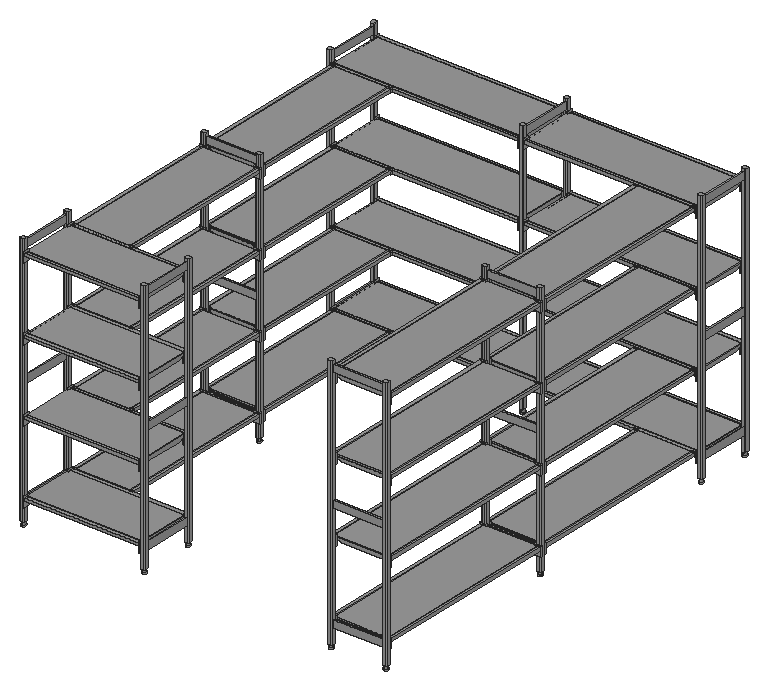
Revit family "QF_ZANUSSI_137104_CRS2428", category Attrezzature speciali, Revit 2020 (continued)
Definition of nested family "QF_708"
  Lines and regions (mm)
    symbolic lines
      curve 4: line (333.254, -8.5, 1700) -> (327, -2.246, 1700)
      curve 5: line (333.254, -318.5, 1700) -> (327, -324.754, 1700)
      curve 6: line (-389, -350, 1700) -> (327, -350, 1700)
      curve 7: line (327, 23, 1700) -> (327, -12.993, 1700)
      curve 8: line (327, -12.993, 1700) -> (323, -12.993, 1700)
      curve 9: line (327, -350, 1700) -> (327, -314.007, 1700)
      curve 10: line (327, -314.007, 1700) -> (323, -314.007, 1700)
      curve 11: line (-385, -12.993, 1700) -> (-385, -314.007, 1700)
      curve 12: line (-385, -331, 1700) -> (323, -331, 1700)
      curve 13: line (323, -12.993, 1700) -> (323, -314.007, 1700)
  Dimensions and locks
    locked: plane 3 "LEFT" to plane 4 "RIGHT" at 772
    equal spacing: plane 3 "LEFT", plane 2 "Center (Left/Right)", plane 4 "RIGHT"
    locked: plane 7 "TOP" to level at 1700
    locked: plane 5 "BACK" to plane 6 "FRONT" at 373
    locked: plane 4 "RIGHT" to plane 8 at 5
    locked: plane 9 to plane 10 at 708
    locked: plane 3 "LEFT" to plane 9 at 32
    plane 12 to plane 10 = 5 mm
    locked: plane 13 to plane 14 at 310
    equal spacing: plane 13, plane 11 "Center (Front/Back)", plane 14
    equal spacing: plane 5 "BACK", plane 11 "Center (Front/Back)", plane 6 "FRONT"
    plane 15 "FEET" to level = 25 mm
    plane 7 "TOP" to plane 15 "FEET" = 1675 mm
    plane 17 to plane 16 = 450 mm
    plane 18 to plane 17 = 450 mm
    plane 19 to plane 18 = 450 mm
    locked: plane 3 "LEFT" to plane 20 "CXLeft" at 14
    locked: plane 21 "CXRight" to plane 4 "RIGHT" at 14
    locked: plane 5 "BACK" to plane 23 "CYBack" at 17.5
    locked: plane 24 "CYFront" to plane 6 "FRONT" at 17.5
    plane 16 to level = 140 mm
    plane 17 to level = 590 mm
    plane 18 to level = 1040 mm
    plane 19 to level = 1490 mm
    aligned and locked: level to plane 1
    aligned and locked: plane 9 to Extrusion 2
    aligned and locked: Extrusion 2 to plane 10
    aligned and locked: plane 9 to Extrusion 1
    aligned and locked: Extrusion 1 to plane 10
    aligned and locked: Extrusion 1 sketch curve to Extrusion 1 sketch curve  (x2)
    aligned and locked: Extrusion 3 sketch curve to Extrusion 3 sketch curve  (x3)
    aligned and locked: Extrusion 3 to plane 12
    aligned and locked: Extrusion 3 to plane 10
    aligned and locked: plane 20 "CXLeft" to nested 1
    aligned and locked: plane 21 "CXRight" to nested 2
  Automatic sketch dimensions
    Extrusion 1 sketch curve to plane 6 "FRONT" = 0 mm  (x4)
    Extrusion 1 sketch curve to plane 5 "BACK" = 0 mm  (x4)
    plane 24 "CYFront" to Extrusion 1 sketch curve = 1.5 mm  (x2)
    plane 22 to Extrusion 1 sketch curve = 1.5 mm  (x4)
    plane 16 to Extrusion 1 sketch curve = 7.998 mm  (x2)
    Extrusion 1 sketch curve to Extrusion 1 sketch curve = 17.997 mm  (x8)
    plane 17 to Extrusion 1 sketch curve = 7.998 mm  (x2)
    plane 18 to Extrusion 1 sketch curve = 7.998 mm  (x2)
    plane 19 to Extrusion 1 sketch curve = 7.998 mm  (x2)
    plane 24 "CYFront" to Extrusion 2 sketch curve = 3.5 mm  (x4)
    plane 22 to Extrusion 2 sketch curve = 3.493 mm  (x4)
    plane 16 to Extrusion 2 sketch curve = 19.496 mm
    Extrusion 2 sketch curve to Extrusion 2 sketch curve = 6.499 mm  (x4)
    plane 17 to Extrusion 2 sketch curve = 19.496 mm
    plane 18 to Extrusion 2 sketch curve = 19.496 mm
    plane 19 to Extrusion 2 sketch curve = 19.496 mm
    plane 24 "CYFront" to Extrusion 3 sketch curve = 1.5 mm  (x4)
    Extrusion 3 sketch curve to Extrusion 3 sketch curve = 2 mm
    plane 14 to Extrusion 3 sketch curve = 3.5 mm  (x4)
    Extrusion 3 sketch curve to plane 16 = 4.006 mm
    Extrusion 3 sketch curve to Extrusion 3 sketch curve = 34 mm  (x4)
    Extrusion 3 sketch curve to plane 17 = 4.006 mm
    Extrusion 3 sketch curve to plane 18 = 4.006 mm
    Extrusion 3 sketch curve to plane 19 = 4.006 mm
    Extrusion 3 sketch curve to plane 13 = 37.5 mm  (x4)
    Extrusion 3 sketch curve to plane 13 = 3.5 mm  (x4)
    plane 22 to Extrusion 3 sketch curve = 3.493 mm  (x4)
    plane 22 to Extrusion 3 sketch curve = 1.5 mm  (x4)
    plane 16 to Extrusion 3 sketch curve = 7.998 mm  (x2)
    Extrusion 3 sketch curve to Extrusion 3 sketch curve = 11.498 mm  (x4)
    Extrusion 3 sketch curve to Extrusion 3 sketch curve = 6.499 mm  (x8)
    plane 17 to Extrusion 3 sketch curve = 7.998 mm  (x2)
    plane 18 to Extrusion 3 sketch curve = 7.998 mm  (x2)
    plane 19 to Extrusion 3 sketch curve = 7.998 mm  (x2)
    curve 6 to plane 6 "FRONT" = 0 mm
    curve 12 to plane 9 = 0 mm
    curve 12 to plane 10 = 0 mm
    curve 5 to plane 14 = 0 mm
    curve 11 to plane 9 = 0 mm
    curve 8 to plane 10 = 0 mm
    curve 4 to plane 13 = 0 mm
    curve 1 to plane 9 = 0 mm
    curve 1 to plane 10 = 0 mm
    curve 2 to plane 5 "BACK" = 0 mm
    plane 14 to curve 10 = 4.493 mm
    curve 7 to plane 13 = 4.493 mm
    curve 10 to plane 10 = 4 mm
    curve 7 to plane 10 = 4 mm
    plane 24 "CYFront" to curve 12 = 1.5 mm
    curve 5 to plane 14 = 6.254 mm
    plane 14 to curve 11 = 4.493 mm
    curve 11 to plane 13 = 4.493 mm
    plane 13 to curve 4 = 6.254 mm
    plane 22 to curve 1 = 1.5 mm
    curve 3 to plane 22 = 7.746 mm
    curve 3 to plane 5 "BACK" = 3.5 mm
    curve 5 to curve 9 = 6.254 mm
    curve 3 to curve 2 = 6.254 mm
    curve 4 to curve 7 = 6.254 mm
    plane 9 to curve 2 = 4 mm
    plane 9 to curve 6 = 4 mm
  Nested families
    nested 1: "WT_Anta373B" at (0, 0, 0), type "WT_Anta373B"
    nested 2: "WT_Anta373B" at (-62, 0, 0) x (-1, 0, 0) z (0, 0, 1), type "WT_Anta373B"
  Definition of nested family "WT_Anta373B"
    Parameters
      WidthLeft = A + 64 mm  # 772 mm
      Width = 1606 mm
      Right = WidthLeft / 2  # 386 mm
      Default Elevation = 0 mm
      Left = -WidthLeft / 2  # -386 mm
      Height = 1590 mm
      FEET = 25 mm
      E = 0 mm
      Dint = Depth - 63 mm  # 310 mm
      Dext = Depth - 8 mm  # 365 mm
      Depth = 373 mm
      DX = (WidthLeft - A) / 2  # 32 mm
      B = 798 mm
      A = 708 mm
    Reference planes
      plane 1: z = 0
      plane 2 "LEFT": x = -417
      plane 3 "BACK": y = 23
      plane 4 "FRONT": y = -350
      plane 5 "TOP": z = 1590
      plane 6 "Center (Front/Back)": y = -163.5
      plane 7: y = -8.5
      plane 8: y = -318.5
      plane 9 "FEET": z = 25
      plane 10: z = 140
      plane 11: z = 590
      plane 12: z = 1040
      plane 13: z = 1490
      plane 14 "CXLeft": x = -403
      plane 15: y = 5.5
      plane 16 "CYBack": y = 5.5
      plane 17 "CYFront": y = -332.5
      plane 18: x = -385.031
      plane 19: x = -380.031
    Forms (mm)
      Extrusion 1, solid
        sketch origin (0, 0, 0) x (1, 0, 0) y (0, 1, 0)
          loop
            line (-417, 13.246) -> (-417, -2.246) -> (-410.746, -8.5) -> (-395.254, -8.5) -> (-389, -2.246) -> (-389, 13.246) -> (-395.254, 19.5) -> (-410.746, 19.5) -> (-417, 13.246)
        from 1590 to 25
      Extrusion 2, solid
        sketch origin (-417, 0, 0) x (0, 1, 0) y (0, 0, 1)
          loop
            line (23, 111.005) -> (23, 172.993) -> (-12.993, 172.993) -> (-12.993, 111.005) -> (23, 111.005)
          loop
            line (-350, 111.005) -> (-314.007, 111.005) -> (-314.007, 172.993) -> (-350, 172.993) -> (-350, 111.005)
          loop
            line (23, 561.005) -> (23, 622.993) -> (-12.993, 622.993) -> (-12.993, 561.005) -> (23, 561.005)
          loop
            line (-350, 561.005) -> (-314.007, 561.005) -> (-314.007, 622.993) -> (-350, 622.993) -> (-350, 561.005)
          loop
            line (23, 1011.005) -> (23, 1072.993) -> (-12.993, 1072.993) -> (-12.993, 1011.005) -> (23, 1011.005)
          loop
            line (-350, 1011.005) -> (-314.007, 1011.005) -> (-314.007, 1072.993) -> (-350, 1072.993) -> (-350, 1011.005)
          loop
            line (23, 1461.005) -> (23, 1522.993) -> (-12.993, 1522.993) -> (-12.993, 1461.005) -> (23, 1461.005)
          loop
            line (-350, 1461.005) -> (-314.007, 1461.005) -> (-314.007, 1522.993) -> (-350, 1522.993) -> (-350, 1461.005)
        from 28 to 32
      Revolve 3, solid
        sketch origin (-403, 0, 0) x (0, 1, 0) y (0, 0, 1)
          loop
            line (5.5, 25) -> (5.5, 0) -> (19, 0) -> (19, 5) -> (14, 5) -> (14, 25) -> (5.5, 25)
          axis (5.5, 25) -> (5.5, 0)
        angle from 0 to 360
      Extrusion 4, solid
        sketch origin (-403, 0, 0) x (0, 1, 0) y (0, 0, 1)
          loop
            line (-8.5, 777.382) -> (-8.5, 822.374) -> (-318.5, 822.374) -> (-318.5, 777.382) -> (-8.5, 777.382)
          loop
            line (-8.5, 1527.244) -> (-8.5, 1572.236) -> (-318.5, 1572.236) -> (-318.5, 1527.244) -> (-8.5, 1527.244)
        from -5 to 5
      Revolve 5, solid
        sketch origin (-403, -627, 0) x (0, -1, 0) y (0, 0, 1)
          loop
            line (-294.5, 25) -> (-294.5, 0) -> (-281, 0) -> (-281, 5) -> (-286, 5) -> (-286, 25) -> (-294.5, 25)
          axis (-294.5, 25) -> (-294.5, 0)
        angle from 0 to 360
      Extrusion 6, solid
        sketch origin (0, -627, 0) x (1, 0, 0) y (0, 1, 0)
          loop
            line (-417, 286.754) -> (-410.746, 280.5) -> (-395.254, 280.5) -> (-389, 286.754) -> (-389, 302.246) -> (-395.254, 308.5) -> (-410.746, 308.5) -> (-417, 302.246) -> (-417, 286.754)
        from 1590 to 25
      Extrusion 7, solid
        sketch origin (-417.031, -0.022, 0) x (0, 1, 0) y (0, 0, -1)
          loop
            line (-12, -1497.998) -> (-46, -1485.994) -> (-281, -1485.994) -> (-315, -1497.998) -> (-331, -1497.998) -> (-331, -1515.994) -> (-329, -1515.994) -> (-329, -1509.496) -> (2.007, -1509.496) -> (2.007, -1515.994) -> (4, -1515.994) -> (4, -1497.998) -> (-12, -1497.998)
          loop
            line (-12, -1047.998) -> (-46, -1035.994) -> (-281, -1035.994) -> (-315, -1047.998) -> (-331, -1047.998) -> (-331, -1065.994) -> (-329, -1065.994) -> (-329, -1059.496) -> (2.007, -1059.496) -> (2.007, -1065.994) -> (4, -1065.994) -> (4, -1047.998) -> (-12, -1047.998)
          loop
            line (-12, -597.998) -> (-46, -585.994) -> (-281, -585.994) -> (-315, -597.998) -> (-331, -597.998) -> (-331, -615.994) -> (-329, -615.994) -> (-329, -609.496) -> (2.007, -609.496) -> (2.007, -615.994) -> (4, -615.994) -> (4, -597.998) -> (-12, -597.998)
          loop
            line (-12, -147.998) -> (-46, -135.994) -> (-281, -135.994) -> (-315, -147.998) -> (-331, -147.998) -> (-331, -165.994) -> (-329, -165.994) -> (-329, -159.496) -> (2.007, -159.496) -> (2.007, -165.994) -> (4, -165.994) -> (4, -147.998) -> (-12, -147.998)
        from -32 to -37
      Extrusion 8, solid
        sketch origin (-403, 0, -659.878) x (0, 1, 0) y (0, 0, 1)
          loop
            line (-8.5, 777.382) -> (-8.5, 822.374) -> (-318.5, 822.374) -> (-318.5, 777.382) -> (-8.5, 777.382)
          loop
            line (-8.5, 1437.382) -> (-8.5, 1482.374) -> (-318.5, 1482.374) -> (-318.5, 1437.382) -> (-8.5, 1437.382)
          loop
            line (-8.5, 2187.382) -> (-8.5, 2232.374) -> (-318.5, 2232.374) -> (-318.5, 2187.382) -> (-8.5, 2187.382)
        from -5 to 5
    Lines and regions (mm)
      symbolic lines
        curve 1: line (-408, -8.5, 1590) -> (-408, -318.5, 1590)
        curve 2: line (-398, -318.5, 1590) -> (-398, -8.5, 1590)
        curve 3: line (-395.254, -8.5, 1590) -> (-410.746, -8.5, 1590)
        curve 4: line (-417, -2.246, 1590) -> (-410.746, -8.5, 1590)
        curve 5: line (-417, 13.246, 1590) -> (-417, -2.246, 1590)
        curve 6: line (-410.746, 19.5, 1590) -> (-417, 13.246, 1590)
        curve 7: line (-395.254, 19.5, 1590) -> (-410.746, 19.5, 1590)
        curve 8: line (-389, 13.246, 1590) -> (-395.254, 19.5, 1590)
        curve 9: line (-395.254, -8.5, 1590) -> (-389, -2.246, 1590)
        curve 10: line (-395.254, -318.5, 1590) -> (-410.746, -318.5, 1590)
        curve 11: line (-417, -324.754, 1590) -> (-410.746, -318.5, 1590)
        curve 12: line (-410.746, -346.5, 1590) -> (-417, -340.246, 1590)
        curve 13: line (-395.254, -346.5, 1590) -> (-410.746, -346.5, 1590)
        curve 14: line (-389, -340.246, 1590) -> (-395.254, -346.5, 1590)
        curve 15: line (-395.254, -318.5, 1590) -> (-389, -324.754, 1590)
        curve 16: line (-389, -350, 1590) -> (-389, -314.007, 1590)
        curve 17: line (-389, -314.007, 1590) -> (-385, -314.007, 1590)
        curve 18: line (-389, 23, 1590) -> (-389, -12.993, 1590)
        curve 19: line (-389, -12.993, 1590) -> (-385, -12.993, 1590)
        curve 20: line (-417, -324.754, 1590) -> (-417, -340.246, 1590)
        curve 21: line (-385, -350, 1590) -> (-385, -314.007, 1590)
        curve 22: line (-385, -350, 1590) -> (-389, -350, 1590)
        curve 23: line (-385, 23, 1590) -> (-389, 23, 1590)
        curve 24: line (-385, -12.993, 1590) -> (-385, 23, 1590)
        curve 25: line (-385.031, -13.016, 1725) -> (-385.031, -314.029, 1725)
    Dimensions and locks
      "Depth": plane 3 "BACK" to plane 4 "FRONT"
      "Dint": plane 7 to plane 8
      equal spacing: plane 7, plane 6 "Center (Front/Back)", plane 8
      equal spacing: plane 3 "BACK", plane 6 "Center (Front/Back)", plane 4 "FRONT"
      plane 9 "FEET" to level = 25 mm
      plane 10 to plane 9 "FEET" = 115 mm
      plane 11 to plane 10 = 450 mm
      plane 12 to plane 11 = 450 mm
      plane 13 to plane 12 = 450 mm
      locked: plane 2 "LEFT" to plane 14 "CXLeft" at 14
      locked: plane 3 "BACK" to plane 16 "CYBack" at 17.5
      locked: plane 17 "CYFront" to plane 4 "FRONT" at 17.5
      locked: Revolve 3 sketch curve to Revolve 3 sketch curve at 8.5
      locked: Revolve 3 sketch curve to plane 16 "CYBack" at 13.5
      locked: Revolve 5 sketch curve to Revolve 5 sketch curve at 8.5
      plane 10 to level = 140 mm
      plane 11 to level = 590 mm
      plane 12 to level = 1040 mm
      plane 13 to level = 1490 mm
      "Height": plane 5 "TOP" to level
      aligned and locked: level to plane 1
      aligned and locked: curve 20 to Extrusion 6
      aligned and locked: plane 5 "TOP" to Extrusion 1
      aligned and locked: plane 5 "TOP" to Extrusion 6
      aligned and locked: Extrusion 7 sketch curve to Extrusion 7 sketch curve  (x3)
    Automatic sketch dimensions
      curve 16 to plane 4 "FRONT" = 0 mm
      curve 11 to plane 8 = 0 mm
      curve 9 to plane 7 = 0 mm
      curve 5 to plane 2 "LEFT" = 0 mm
      curve 23 to plane 3 "BACK" = 0 mm
      plane 4 "FRONT" to curve 13 = 3.5 mm
      curve 20 to plane 17 "CYFront" = 7.746 mm
      curve 20 to plane 8 = 6.254 mm
      plane 8 to curve 16 = 4.493 mm
      curve 24 to plane 18 = 0.031 mm
      curve 24 to plane 7 = 4.493 mm
      plane 7 to curve 5 = 6.254 mm
      curve 5 to plane 15 = 7.746 mm
      curve 6 to plane 3 "BACK" = 3.5 mm
      curve 21 to plane 18 = 0.031 mm
      plane 18 to curve 23 = 3.969 mm
      plane 18 to curve 16 = 3.969 mm
      curve 18 to curve 8 = 6.254 mm
      curve 18 to curve 3 = 6.254 mm
      curve 16 to curve 13 = 6.254 mm
      curve 16 to curve 15 = 6.254 mm
      plane 2 "LEFT" to curve 10 = 6.254 mm
      plane 2 "LEFT" to curve 7 = 6.254 mm
      plane 2 "LEFT" to curve 12 = 6.254 mm
      plane 2 "LEFT" to curve 3 = 6.254 mm
      curve 14 to plane 17 "CYFront" = 7.746 mm
      curve 15 to plane 8 = 6.254 mm
      plane 7 to curve 9 = 6.254 mm
      curve 8 to plane 15 = 7.746 mm
      curve 3 to curve 2 = 2.746 mm
      curve 1 to curve 10 = 2.746 mm
      Extrusion 1 sketch curve to plane 2 "LEFT" = 0 mm
      Extrusion 1 sketch curve to plane 7 = 0 mm
      plane 2 "LEFT" to Extrusion 1 sketch curve = 6.254 mm  (x2)
      plane 14 "CXLeft" to Extrusion 1 sketch curve = 7.746 mm  (x2)
      Extrusion 1 sketch curve to plane 3 "BACK" = 3.5 mm
      plane 18 to Extrusion 1 sketch curve = 3.969 mm
      plane 7 to Extrusion 1 sketch curve = 6.254 mm  (x2)
      Extrusion 1 sketch curve to plane 15 = 7.746 mm  (x2)
      Extrusion 2 sketch curve to plane 4 "FRONT" = 0 mm  (x4)
      Extrusion 2 sketch curve to plane 3 "BACK" = 0 mm  (x4)
      plane 8 to Extrusion 2 sketch curve = 4.493 mm  (x4)
      Extrusion 2 sketch curve to plane 7 = 4.493 mm  (x4)
      Extrusion 2 sketch curve to plane 10 = 28.995 mm  (x2)
      plane 10 to Extrusion 2 sketch curve = 32.993 mm  (x2)
      Extrusion 2 sketch curve to plane 11 = 28.995 mm  (x2)
      plane 11 to Extrusion 2 sketch curve = 32.993 mm  (x2)
      Extrusion 2 sketch curve to plane 12 = 28.995 mm  (x2)
      plane 12 to Extrusion 2 sketch curve = 32.993 mm  (x2)
      Extrusion 2 sketch curve to plane 13 = 28.995 mm  (x2)
      plane 13 to Extrusion 2 sketch curve = 32.993 mm  (x2)
      Revolve 3 sketch curve to plane 9 "FEET" = 0 mm  (x2)
      Revolve 3 sketch curve to plane 15 = 0 mm  (x2)
      Revolve 3 sketch curve to level = 0 mm
      level to Revolve 3 sketch curve = 5 mm
      Revolve 3 sketch curve to Revolve 3 sketch curve = 11.655 mm
      Extrusion 4 sketch curve to plane 8 = 0 mm  (x2)
      Extrusion 4 sketch curve to plane 7 = 0 mm  (x2)
      plane 11 to Extrusion 4 sketch curve = 187.382 mm
      Extrusion 4 sketch curve to Extrusion 4 sketch curve = 44.992 mm
      plane 13 to Extrusion 4 sketch curve = 37.244 mm
      Extrusion 4 sketch curve to plane 5 "TOP" = 17.764 mm
      Revolve 5 sketch curve to plane 9 "FEET" = 0 mm  (x2)
      Revolve 5 sketch curve to plane 17 "CYFront" = 0 mm  (x2)
      Revolve 5 sketch curve to level = 0 mm
      Revolve 5 sketch curve to plane 4 "FRONT" = 4 mm
      Revolve 5 sketch curve to Revolve 5 sketch curve = 5 mm
      level to Revolve 5 sketch curve = 11.655 mm
      Extrusion 6 sketch curve to plane 2 "LEFT" = 0 mm
      Extrusion 6 sketch curve to plane 8 = 0 mm
      Extrusion 6 sketch curve to plane 2 "LEFT" = 6.254 mm  (x2)
      Extrusion 6 sketch curve to plane 14 "CXLeft" = 7.746 mm  (x2)
      Extrusion 6 sketch curve to plane 4 "FRONT" = 3.5 mm
      Extrusion 6 sketch curve to plane 18 = 3.969 mm
      plane 8 to Extrusion 6 sketch curve = 6.254 mm  (x2)
      plane 17 "CYFront" to Extrusion 6 sketch curve = 7.746 mm  (x2)
      plane 17 "CYFront" to Extrusion 7 sketch curve = 1.478 mm  (x4)
      Extrusion 7 sketch curve to Extrusion 7 sketch curve = 2 mm
      plane 8 to Extrusion 7 sketch curve = 3.478 mm  (x4)
      Extrusion 7 sketch curve to plane 10 = 4.006 mm
      Extrusion 7 sketch curve to Extrusion 7 sketch curve = 34 mm  (x4)
      Extrusion 7 sketch curve to plane 11 = 4.006 mm
      Extrusion 7 sketch curve to plane 12 = 4.006 mm
      Extrusion 7 sketch curve to plane 13 = 4.006 mm
      Extrusion 7 sketch curve to plane 7 = 37.522 mm  (x4)
      Extrusion 7 sketch curve to plane 7 = 3.522 mm  (x4)
      plane 15 to Extrusion 7 sketch curve = 3.516 mm  (x4)
      plane 15 to Extrusion 7 sketch curve = 1.522 mm  (x4)
      plane 13 to Extrusion 7 sketch curve = 7.998 mm  (x2)
      Extrusion 7 sketch curve to Extrusion 7 sketch curve = 11.498 mm
      Extrusion 7 sketch curve to Extrusion 7 sketch curve = 6.499 mm  (x5)
      plane 12 to Extrusion 7 sketch curve = 25.994 mm  (x2)
      plane 12 to Extrusion 7 sketch curve = 7.998 mm  (x2)
      plane 11 to Extrusion 7 sketch curve = 25.994 mm  (x2)
      plane 11 to Extrusion 7 sketch curve = 7.998 mm  (x2)
      plane 10 to Extrusion 7 sketch curve = 25.994 mm  (x2)
      plane 10 to Extrusion 7 sketch curve = 7.998 mm  (x2)
      curve 25 to plane 18 = 0 mm
      plane 8 to curve 25 = 4.471 mm
      curve 25 to plane 7 = 4.516 mm
      Extrusion 8 sketch curve to plane 8 = 0 mm  (x3)
      Extrusion 8 sketch curve to plane 7 = 0 mm  (x3)
      Extrusion 8 sketch curve to plane 10 = 22.496 mm
      plane 10 to Extrusion 8 sketch curve = 22.496 mm
      plane 11 to Extrusion 8 sketch curve = 187.504 mm
      Extrusion 8 sketch curve to Extrusion 8 sketch curve = 44.992 mm
      plane 13 to Extrusion 8 sketch curve = 37.504 mm
      Extrusion 8 sketch curve to plane 5 "TOP" = 17.504 mm
Definition of nested family "QF_1152G"
  Parameters
    Default Elevation = 0 mm
    Model = "137035"
    Manufacturer = "Electrolux Professional"
    Description = ""
  Reference planes
    plane 1: z = 0
    plane 2 "Center (F/B)": y = -163.5
    plane 3 "Front": y = -549.5
    plane 4 "Left": x = -217.5
    plane 5 "Right": x = 155.5
    plane 6 "TOP": z = 1700
    plane 7: y = -517.5
    plane 8: y = 634.5
    plane 9 "Center (Left/Right)": x = -31
    plane 10: y = 629.5
    plane 11: x = -186
    plane 12: x = 124
    plane 13 "FEET": z = 25
    plane 14: z = 140
    plane 15: z = 590
    plane 16: z = 1040
    plane 17: z = 1490
    plane 18 "CXLeft": y = -535.5
    plane 19: x = -200
    plane 20 "CYBack": x = -200
    plane 21 "CYFront": x = 138
    plane 22 "Back": y = 638.5
    plane 23 "LEFT_ORIGIN": x = -251.5
    plane 24 "BACK_Origin": y = 1011.5
  Forms (mm)
    Extrusion 1, solid
      sketch origin (0, -549.5, 0) x (-1, 0, 0) y (0, 0, 1)
        loop
          line (198.5, 1515.994) -> (198.5, 1497.998) -> (217.5, 1497.998) -> (217.5, 1515.994) -> (198.5, 1515.994)
        loop
          line (-136.5, 1515.994) -> (-155.5, 1515.994) -> (-155.5, 1497.998) -> (-136.5, 1497.998) -> (-136.5, 1515.994)
        loop
          line (198.5, 1065.994) -> (198.5, 1047.998) -> (217.5, 1047.998) -> (217.5, 1065.994) -> (198.5, 1065.994)
        loop
          line (-136.5, 1065.994) -> (-155.5, 1065.994) -> (-155.5, 1047.998) -> (-136.5, 1047.998) -> (-136.5, 1065.994)
        loop
          line (198.5, 615.994) -> (198.5, 597.998) -> (217.5, 597.998) -> (217.5, 615.994) -> (198.5, 615.994)
        loop
          line (-136.5, 615.994) -> (-155.5, 615.994) -> (-155.5, 597.998) -> (-136.5, 597.998) -> (-136.5, 615.994)
        loop
          line (198.5, 165.994) -> (198.5, 147.998) -> (217.5, 147.998) -> (217.5, 165.994) -> (198.5, 165.994)
        loop
          line (-136.5, 165.994) -> (-155.5, 165.994) -> (-155.5, 147.998) -> (-136.5, 147.998) -> (-136.5, 165.994)
      from 32 to 1184
    Extrusion 2, solid
      sketch origin (0, -549.5, 0) x (-1, 0, 0) y (0, 0, 1)
        loop
          line (196.507, 1515.994) -> (-134.5, 1515.994) -> (-134.5, 1509.496) -> (196.507, 1509.496) -> (196.507, 1515.994)
        loop
          line (196.507, 1065.994) -> (-134.5, 1065.994) -> (-134.5, 1059.496) -> (196.507, 1059.496) -> (196.507, 1065.994)
        loop
          line (196.507, 615.994) -> (-134.5, 615.994) -> (-134.5, 609.496) -> (196.507, 609.496) -> (196.507, 615.994)
        loop
          line (196.507, 165.994) -> (-134.5, 165.994) -> (-134.5, 159.496) -> (196.507, 159.496) -> (196.507, 165.994)
      from 32 to 1184
  Lines and regions (mm)
    symbolic lines
      curve 1: line (-198.5, 634.5, 1700) -> (-198.5, -517.5, 1700)
      curve 2: line (-217.5, -521.5, 1700) -> (-217.5, 634.5, 1700)
      curve 3: line (155.5, -521.5, 1700) -> (155.5, 634.5, 1700)
      curve 4: line (-181.507, -517.5, 1700) -> (119.507, -517.5, 1700)
      curve 5: line (136.5, -517.5, 1700) -> (136.5, 634.5, 1700)
      curve 6: line (-198.5, 634.5, 1700) -> (136.5, 634.5, 1700)
  Dimensions and locks
    plane 3 "Front" to plane 2 "Center (F/B)" = 386 mm
    locked: plane 4 "Left" to plane 5 "Right" at 373
    locked: plane 7 to plane 8 at 1152
    locked: plane 3 "Front" to plane 7 at 32
    plane 10 to plane 8 = 5 mm
    locked: plane 11 to plane 12 at 310
    equal spacing: plane 11, plane 9 "Center (Left/Right)", plane 12
    equal spacing: plane 4 "Left", plane 9 "Center (Left/Right)", plane 5 "Right"
    locked: plane 3 "Front" to plane 18 "CXLeft" at 14
    locked: plane 3 "Front" to plane 22 "Back" at 1188
    plane 23 "LEFT_ORIGIN" to plane 5 "Right" = 407 mm
    locked: plane 22 "Back" to plane 24 "BACK_Origin" at 373
    plane 14 to level = 140 mm
    plane 15 to level = 590 mm
    plane 16 to level = 1040 mm
    locked: plane 6 "TOP" to level at 1700
    plane 17 to level = 1490 mm
    plane 13 "FEET" to level = 25 mm
    aligned and locked: level to plane 1
    aligned and locked: Extrusion 2 to plane 7
    aligned and locked: plane 8 to Extrusion 2
    aligned and locked: Extrusion 1 to plane 7
    aligned and locked: plane 8 to Extrusion 1
    aligned and locked: Extrusion 1 sketch curve to Extrusion 1 sketch curve  (x2)
    aligned and locked: nested 1 to plane 18 "CXLeft"
    aligned and locked: nested 2 to plane 10
  Automatic sketch dimensions
    curve 2 to plane 4 "Left" = 0 mm
    curve 3 to plane 5 "Right" = 0 mm
    plane 7 to curve 1 = 0 mm
    plane 7 to curve 4 = 0 mm
    plane 7 to curve 5 = 0 mm
    plane 8 to curve 2 = 0 mm
    plane 8 to curve 1 = 0 mm
    plane 8 to curve 3 = 0 mm
    plane 21 "CYFront" to curve 5 = 1.5 mm
    plane 19 to curve 6 = 1.5 mm
    plane 7 to curve 3 = 4 mm
    plane 7 to curve 2 = 4 mm
    plane 12 to curve 4 = 4.493 mm
    curve 4 to plane 11 = 4.493 mm
    plane 5 "Right" to Extrusion 1 sketch curve = 0 mm  (x4)
    plane 4 "Left" to Extrusion 1 sketch curve = 0 mm  (x4)
    plane 21 "CYFront" to Extrusion 1 sketch curve = 1.5 mm  (x2)
    plane 19 to Extrusion 1 sketch curve = 1.5 mm  (x4)
    plane 14 to Extrusion 1 sketch curve = 7.998 mm  (x2)
    Extrusion 1 sketch curve to Extrusion 1 sketch curve = 17.997 mm  (x8)
    plane 15 to Extrusion 1 sketch curve = 7.998 mm  (x2)
    plane 16 to Extrusion 1 sketch curve = 7.998 mm  (x2)
    plane 17 to Extrusion 1 sketch curve = 7.998 mm  (x2)
    plane 21 "CYFront" to Extrusion 2 sketch curve = 3.5 mm  (x4)
    plane 19 to Extrusion 2 sketch curve = 3.493 mm  (x4)
    plane 14 to Extrusion 2 sketch curve = 19.496 mm
    Extrusion 2 sketch curve to Extrusion 2 sketch curve = 6.499 mm  (x4)
    plane 15 to Extrusion 2 sketch curve = 19.496 mm
    plane 16 to Extrusion 2 sketch curve = 19.496 mm
    plane 17 to Extrusion 2 sketch curve = 19.496 mm
  Nested families
    nested 1: "WT_Anta373B" at (-194.5, -132.5, 0) x (0, 1, 0) z (0, 0, 1), type "WT_Anta373B"
    nested 2: "WT_Aggancio373B" at (-194.5, 1046.5, 0) x (0, 1, 0) z (0, 0, 1), type "WT_Aggancio373B"
  Definition of nested family "WT_Anta373B"
    Parameters
      WidthLeft = A + 64 mm  # 772 mm
      Width = 1606 mm
      Right = WidthLeft / 2  # 386 mm
      Default Elevation = 0 mm
      Left = -WidthLeft / 2  # -386 mm
      Height = 1590 mm
      FEET = 25 mm
      E = 0 mm
      Dint = Depth - 63 mm  # 310 mm
      Dext = Depth - 8 mm  # 365 mm
      Depth = 373 mm
      DX = (WidthLeft - A) / 2  # 32 mm
      B = 798 mm
      A = 708 mm
    Reference planes
      plane 1: z = 0
      plane 2 "LEFT": x = -417
      plane 3 "BACK": y = 23
      plane 4 "FRONT": y = -350
      plane 5 "TOP": z = 1590
      plane 6 "Center (Front/Back)": y = -163.5
      plane 7: y = -8.5
      plane 8: y = -318.5
      plane 9 "FEET": z = 25
      plane 10: z = 140
      plane 11: z = 590
      plane 12: z = 1040
      plane 13: z = 1490
      plane 14 "CXLeft": x = -403
      plane 15: y = 5.5
      plane 16 "CYBack": y = 5.5
      plane 17 "CYFront": y = -332.5
      plane 18: x = -385.031
      plane 19: x = -380.031
    Forms (mm)
      Extrusion 1, solid
        sketch origin (0, 0, 0) x (1, 0, 0) y (0, 1, 0)
          loop
            line (-417, 13.246) -> (-417, -2.246) -> (-410.746, -8.5) -> (-395.254, -8.5) -> (-389, -2.246) -> (-389, 13.246) -> (-395.254, 19.5) -> (-410.746, 19.5) -> (-417, 13.246)
        from 1590 to 25
      Extrusion 2, solid
        sketch origin (-417, 0, 0) x (0, 1, 0) y (0, 0, 1)
          loop
            line (23, 111.005) -> (23, 172.993) -> (-12.993, 172.993) -> (-12.993, 111.005) -> (23, 111.005)
          loop
            line (-350, 111.005) -> (-314.007, 111.005) -> (-314.007, 172.993) -> (-350, 172.993) -> (-350, 111.005)
          loop
            line (23, 561.005) -> (23, 622.993) -> (-12.993, 622.993) -> (-12.993, 561.005) -> (23, 561.005)
          loop
            line (-350, 561.005) -> (-314.007, 561.005) -> (-314.007, 622.993) -> (-350, 622.993) -> (-350, 561.005)
          loop
            line (23, 1011.005) -> (23, 1072.993) -> (-12.993, 1072.993) -> (-12.993, 1011.005) -> (23, 1011.005)
          loop
            line (-350, 1011.005) -> (-314.007, 1011.005) -> (-314.007, 1072.993) -> (-350, 1072.993) -> (-350, 1011.005)
          loop
            line (23, 1461.005) -> (23, 1522.993) -> (-12.993, 1522.993) -> (-12.993, 1461.005) -> (23, 1461.005)
          loop
            line (-350, 1461.005) -> (-314.007, 1461.005) -> (-314.007, 1522.993) -> (-350, 1522.993) -> (-350, 1461.005)
        from 28 to 32
      Revolve 3, solid
        sketch origin (-403, 0, 0) x (0, 1, 0) y (0, 0, 1)
          loop
            line (5.5, 25) -> (5.5, 0) -> (19, 0) -> (19, 5) -> (14, 5) -> (14, 25) -> (5.5, 25)
          axis (5.5, 25) -> (5.5, 0)
        angle from 0 to 360
      Extrusion 4, solid
        sketch origin (-403, 0, 0) x (0, 1, 0) y (0, 0, 1)
          loop
            line (-8.5, 777.382) -> (-8.5, 822.374) -> (-318.5, 822.374) -> (-318.5, 777.382) -> (-8.5, 777.382)
          loop
            line (-8.5, 1527.244) -> (-8.5, 1572.236) -> (-318.5, 1572.236) -> (-318.5, 1527.244) -> (-8.5, 1527.244)
        from -5 to 5
      Revolve 5, solid
        sketch origin (-403, -627, 0) x (0, -1, 0) y (0, 0, 1)
          loop
            line (-294.5, 25) -> (-294.5, 0) -> (-281, 0) -> (-281, 5) -> (-286, 5) -> (-286, 25) -> (-294.5, 25)
          axis (-294.5, 25) -> (-294.5, 0)
        angle from 0 to 360
      Extrusion 6, solid
        sketch origin (0, -627, 0) x (1, 0, 0) y (0, 1, 0)
          loop
            line (-417, 286.754) -> (-410.746, 280.5) -> (-395.254, 280.5) -> (-389, 286.754) -> (-389, 302.246) -> (-395.254, 308.5) -> (-410.746, 308.5) -> (-417, 302.246) -> (-417, 286.754)
        from 1590 to 25
      Extrusion 7, solid
        sketch origin (-417.031, -0.022, 0) x (0, 1, 0) y (0, 0, -1)
          loop
            line (-12, -1497.998) -> (-46, -1485.994) -> (-281, -1485.994) -> (-315, -1497.998) -> (-331, -1497.998) -> (-331, -1515.994) -> (-329, -1515.994) -> (-329, -1509.496) -> (2.007, -1509.496) -> (2.007, -1515.994) -> (4, -1515.994) -> (4, -1497.998) -> (-12, -1497.998)
          loop
            line (-12, -1047.998) -> (-46, -1035.994) -> (-281, -1035.994) -> (-315, -1047.998) -> (-331, -1047.998) -> (-331, -1065.994) -> (-329, -1065.994) -> (-329, -1059.496) -> (2.007, -1059.496) -> (2.007, -1065.994) -> (4, -1065.994) -> (4, -1047.998) -> (-12, -1047.998)
          loop
            line (-12, -597.998) -> (-46, -585.994) -> (-281, -585.994) -> (-315, -597.998) -> (-331, -597.998) -> (-331, -615.994) -> (-329, -615.994) -> (-329, -609.496) -> (2.007, -609.496) -> (2.007, -615.994) -> (4, -615.994) -> (4, -597.998) -> (-12, -597.998)
          loop
            line (-12, -147.998) -> (-46, -135.994) -> (-281, -135.994) -> (-315, -147.998) -> (-331, -147.998) -> (-331, -165.994) -> (-329, -165.994) -> (-329, -159.496) -> (2.007, -159.496) -> (2.007, -165.994) -> (4, -165.994) -> (4, -147.998) -> (-12, -147.998)
        from -32 to -37
      Extrusion 8, solid
        sketch origin (-403, 0, -659.878) x (0, 1, 0) y (0, 0, 1)
          loop
            line (-8.5, 777.382) -> (-8.5, 822.374) -> (-318.5, 822.374) -> (-318.5, 777.382) -> (-8.5, 777.382)
          loop
            line (-8.5, 1437.382) -> (-8.5, 1482.374) -> (-318.5, 1482.374) -> (-318.5, 1437.382) -> (-8.5, 1437.382)
          loop
            line (-8.5, 2187.382) -> (-8.5, 2232.374) -> (-318.5, 2232.374) -> (-318.5, 2187.382) -> (-8.5, 2187.382)
        from -5 to 5
    Lines and regions (mm)
      symbolic lines
        curve 1: line (-408, -8.5, 1590) -> (-408, -318.5, 1590)
        curve 2: line (-398, -318.5, 1590) -> (-398, -8.5, 1590)
        curve 3: line (-395.254, -8.5, 1590) -> (-410.746, -8.5, 1590)
        curve 4: line (-417, -2.246, 1590) -> (-410.746, -8.5, 1590)
        curve 5: line (-417, 13.246, 1590) -> (-417, -2.246, 1590)
        curve 6: line (-410.746, 19.5, 1590) -> (-417, 13.246, 1590)
        curve 7: line (-395.254, 19.5, 1590) -> (-410.746, 19.5, 1590)
        curve 8: line (-389, 13.246, 1590) -> (-395.254, 19.5, 1590)
        curve 9: line (-395.254, -8.5, 1590) -> (-389, -2.246, 1590)
        curve 10: line (-395.254, -318.5, 1590) -> (-410.746, -318.5, 1590)
        curve 11: line (-417, -324.754, 1590) -> (-410.746, -318.5, 1590)
        curve 12: line (-410.746, -346.5, 1590) -> (-417, -340.246, 1590)
        curve 13: line (-395.254, -346.5, 1590) -> (-410.746, -346.5, 1590)
        curve 14: line (-389, -340.246, 1590) -> (-395.254, -346.5, 1590)
        curve 15: line (-395.254, -318.5, 1590) -> (-389, -324.754, 1590)
        curve 16: line (-389, -350, 1590) -> (-389, -314.007, 1590)
        curve 17: line (-389, -314.007, 1590) -> (-385, -314.007, 1590)
        curve 18: line (-389, 23, 1590) -> (-389, -12.993, 1590)
        curve 19: line (-389, -12.993, 1590) -> (-385, -12.993, 1590)
        curve 20: line (-417, -324.754, 1590) -> (-417, -340.246, 1590)
        curve 21: line (-385, -350, 1590) -> (-385, -314.007, 1590)
        curve 22: line (-385, -350, 1590) -> (-389, -350, 1590)
        curve 23: line (-385, 23, 1590) -> (-389, 23, 1590)
        curve 24: line (-385, -12.993, 1590) -> (-385, 23, 1590)
        curve 25: line (-385.031, -13.016, 1725) -> (-385.031, -314.029, 1725)
    Dimensions and locks
      "Depth": plane 3 "BACK" to plane 4 "FRONT"
      "Dint": plane 7 to plane 8
      equal spacing: plane 7, plane 6 "Center (Front/Back)", plane 8
      equal spacing: plane 3 "BACK", plane 6 "Center (Front/Back)", plane 4 "FRONT"
      plane 9 "FEET" to level = 25 mm
      plane 10 to plane 9 "FEET" = 115 mm
      plane 11 to plane 10 = 450 mm
      plane 12 to plane 11 = 450 mm
      plane 13 to plane 12 = 450 mm
      locked: plane 2 "LEFT" to plane 14 "CXLeft" at 14
      locked: plane 3 "BACK" to plane 16 "CYBack" at 17.5
      locked: plane 17 "CYFront" to plane 4 "FRONT" at 17.5
      locked: Revolve 3 sketch curve to Revolve 3 sketch curve at 8.5
      locked: Revolve 3 sketch curve to plane 16 "CYBack" at 13.5
      locked: Revolve 5 sketch curve to Revolve 5 sketch curve at 8.5
      plane 10 to level = 140 mm
      plane 11 to level = 590 mm
      plane 12 to level = 1040 mm
      plane 13 to level = 1490 mm
      "Height": plane 5 "TOP" to level
      aligned and locked: level to plane 1
      aligned and locked: curve 20 to Extrusion 6
      aligned and locked: plane 5 "TOP" to Extrusion 1
      aligned and locked: plane 5 "TOP" to Extrusion 6
      aligned and locked: Extrusion 7 sketch curve to Extrusion 7 sketch curve  (x3)
    Automatic sketch dimensions
      curve 16 to plane 4 "FRONT" = 0 mm
      curve 11 to plane 8 = 0 mm
      curve 9 to plane 7 = 0 mm
      curve 5 to plane 2 "LEFT" = 0 mm
      curve 23 to plane 3 "BACK" = 0 mm
      plane 4 "FRONT" to curve 13 = 3.5 mm
      curve 20 to plane 17 "CYFront" = 7.746 mm
      curve 20 to plane 8 = 6.254 mm
      plane 8 to curve 16 = 4.493 mm
      curve 24 to plane 18 = 0.031 mm
      curve 24 to plane 7 = 4.493 mm
      plane 7 to curve 5 = 6.254 mm
      curve 5 to plane 15 = 7.746 mm
      curve 6 to plane 3 "BACK" = 3.5 mm
      curve 21 to plane 18 = 0.031 mm
      plane 18 to curve 23 = 3.969 mm
      plane 18 to curve 16 = 3.969 mm
      curve 18 to curve 8 = 6.254 mm
      curve 18 to curve 3 = 6.254 mm
      curve 16 to curve 13 = 6.254 mm
      curve 16 to curve 15 = 6.254 mm
      plane 2 "LEFT" to curve 10 = 6.254 mm
      plane 2 "LEFT" to curve 7 = 6.254 mm
      plane 2 "LEFT" to curve 12 = 6.254 mm
      plane 2 "LEFT" to curve 3 = 6.254 mm
      curve 14 to plane 17 "CYFront" = 7.746 mm
      curve 15 to plane 8 = 6.254 mm
      plane 7 to curve 9 = 6.254 mm
      curve 8 to plane 15 = 7.746 mm
      curve 3 to curve 2 = 2.746 mm
      curve 1 to curve 10 = 2.746 mm
      Extrusion 1 sketch curve to plane 2 "LEFT" = 0 mm
      Extrusion 1 sketch curve to plane 7 = 0 mm
      plane 2 "LEFT" to Extrusion 1 sketch curve = 6.254 mm  (x2)
      plane 14 "CXLeft" to Extrusion 1 sketch curve = 7.746 mm  (x2)
      Extrusion 1 sketch curve to plane 3 "BACK" = 3.5 mm
      plane 18 to Extrusion 1 sketch curve = 3.969 mm
      plane 7 to Extrusion 1 sketch curve = 6.254 mm  (x2)
      Extrusion 1 sketch curve to plane 15 = 7.746 mm  (x2)
      Extrusion 2 sketch curve to plane 4 "FRONT" = 0 mm  (x4)
      Extrusion 2 sketch curve to plane 3 "BACK" = 0 mm  (x4)
      plane 8 to Extrusion 2 sketch curve = 4.493 mm  (x4)
      Extrusion 2 sketch curve to plane 7 = 4.493 mm  (x4)
      Extrusion 2 sketch curve to plane 10 = 28.995 mm  (x2)
      plane 10 to Extrusion 2 sketch curve = 32.993 mm  (x2)
      Extrusion 2 sketch curve to plane 11 = 28.995 mm  (x2)
      plane 11 to Extrusion 2 sketch curve = 32.993 mm  (x2)
      Extrusion 2 sketch curve to plane 12 = 28.995 mm  (x2)
      plane 12 to Extrusion 2 sketch curve = 32.993 mm  (x2)
      Extrusion 2 sketch curve to plane 13 = 28.995 mm  (x2)
      plane 13 to Extrusion 2 sketch curve = 32.993 mm  (x2)
      Revolve 3 sketch curve to plane 9 "FEET" = 0 mm  (x2)
      Revolve 3 sketch curve to plane 15 = 0 mm  (x2)
      Revolve 3 sketch curve to level = 0 mm
      level to Revolve 3 sketch curve = 5 mm
      Revolve 3 sketch curve to Revolve 3 sketch curve = 11.655 mm
      Extrusion 4 sketch curve to plane 8 = 0 mm  (x2)
      Extrusion 4 sketch curve to plane 7 = 0 mm  (x2)
      plane 11 to Extrusion 4 sketch curve = 187.382 mm
      Extrusion 4 sketch curve to Extrusion 4 sketch curve = 44.992 mm
      plane 13 to Extrusion 4 sketch curve = 37.244 mm
      Extrusion 4 sketch curve to plane 5 "TOP" = 17.764 mm
      Revolve 5 sketch curve to plane 9 "FEET" = 0 mm  (x2)
      Revolve 5 sketch curve to plane 17 "CYFront" = 0 mm  (x2)
      Revolve 5 sketch curve to level = 0 mm
      Revolve 5 sketch curve to plane 4 "FRONT" = 4 mm
      Revolve 5 sketch curve to Revolve 5 sketch curve = 5 mm
      level to Revolve 5 sketch curve = 11.655 mm
      Extrusion 6 sketch curve to plane 2 "LEFT" = 0 mm
      Extrusion 6 sketch curve to plane 8 = 0 mm
      Extrusion 6 sketch curve to plane 2 "LEFT" = 6.254 mm  (x2)
      Extrusion 6 sketch curve to plane 14 "CXLeft" = 7.746 mm  (x2)
      Extrusion 6 sketch curve to plane 4 "FRONT" = 3.5 mm
      Extrusion 6 sketch curve to plane 18 = 3.969 mm
      plane 8 to Extrusion 6 sketch curve = 6.254 mm  (x2)
      plane 17 "CYFront" to Extrusion 6 sketch curve = 7.746 mm  (x2)
      plane 17 "CYFront" to Extrusion 7 sketch curve = 1.478 mm  (x4)
      Extrusion 7 sketch curve to Extrusion 7 sketch curve = 2 mm
      plane 8 to Extrusion 7 sketch curve = 3.478 mm  (x4)
      Extrusion 7 sketch curve to plane 10 = 4.006 mm
      Extrusion 7 sketch curve to Extrusion 7 sketch curve = 34 mm  (x4)
      Extrusion 7 sketch curve to plane 11 = 4.006 mm
      Extrusion 7 sketch curve to plane 12 = 4.006 mm
      Extrusion 7 sketch curve to plane 13 = 4.006 mm
      Extrusion 7 sketch curve to plane 7 = 37.522 mm  (x4)
      Extrusion 7 sketch curve to plane 7 = 3.522 mm  (x4)
      plane 15 to Extrusion 7 sketch curve = 3.516 mm  (x4)
      plane 15 to Extrusion 7 sketch curve = 1.522 mm  (x4)
      plane 13 to Extrusion 7 sketch curve = 7.998 mm  (x2)
      Extrusion 7 sketch curve to Extrusion 7 sketch curve = 11.498 mm
      Extrusion 7 sketch curve to Extrusion 7 sketch curve = 6.499 mm  (x5)
      plane 12 to Extrusion 7 sketch curve = 25.994 mm  (x2)
      plane 12 to Extrusion 7 sketch curve = 7.998 mm  (x2)
      plane 11 to Extrusion 7 sketch curve = 25.994 mm  (x2)
      plane 11 to Extrusion 7 sketch curve = 7.998 mm  (x2)
      plane 10 to Extrusion 7 sketch curve = 25.994 mm  (x2)
      plane 10 to Extrusion 7 sketch curve = 7.998 mm  (x2)
      curve 25 to plane 18 = 0 mm
      plane 8 to curve 25 = 4.471 mm
      curve 25 to plane 7 = 4.516 mm
      Extrusion 8 sketch curve to plane 8 = 0 mm  (x3)
      Extrusion 8 sketch curve to plane 7 = 0 mm  (x3)
      Extrusion 8 sketch curve to plane 10 = 22.496 mm
      plane 10 to Extrusion 8 sketch curve = 22.496 mm
      plane 11 to Extrusion 8 sketch curve = 187.504 mm
      Extrusion 8 sketch curve to Extrusion 8 sketch curve = 44.992 mm
      plane 13 to Extrusion 8 sketch curve = 37.504 mm
      Extrusion 8 sketch curve to plane 5 "TOP" = 17.504 mm
  Definition of nested family "WT_Aggancio373B"
    Parameters
      WidthLeft = A + 64 mm  # 772 mm
      Width = 1606 mm
      Right = WidthLeft / 2  # 386 mm
      Default Elevation = 0 mm
      Left = -WidthLeft / 2  # -386 mm
      Height = 1590 mm
      FEET = 25 mm
      E = 0 mm
      Dint = Depth - 63 mm  # 310 mm
      Dext = Depth - 8 mm  # 365 mm
      Depth = 373 mm
      DX = (WidthLeft - A) / 2  # 32 mm
      B = 798 mm
      A = 708 mm
    Reference planes
      plane 1: z = 0
      plane 2 "LEFT": x = -417
      plane 3 "BACK": y = 23
      plane 4 "FRONT": y = -350
      plane 5 "TOP": z = 1590
      plane 6 "Center (Front/Back)": y = -163.5
      plane 7: y = -8.5
      plane 8: y = -318.5
      plane 9 "FEET": z = 25
      plane 10: z = 140
      plane 11: z = 590
      plane 12: z = 1040
      plane 13: z = 1490
      plane 14: y = 5.5
      plane 15 "CYBack": y = 5.5
      plane 16 "CYFront": y = -332.5
    Forms (mm)
      Extrusion 1, solid
        sketch origin (-380, -0.022, 0) x (0, 1, 0) y (0, 0, 1)
          loop
            line (-12, 1497.998) -> (4, 1497.998) -> (4, 1515.994) -> (2.007, 1515.994) -> (2.007, 1509.496) -> (-329, 1509.496) -> (-329, 1515.994) -> (-331, 1515.994) -> (-331, 1497.998) -> (-315, 1497.998) -> (-281, 1485.994) -> (-46, 1485.994) -> (-12, 1497.998)
          loop
            line (-12, 1047.998) -> (4, 1047.998) -> (4, 1065.994) -> (2.007, 1065.994) -> (2.007, 1059.496) -> (-329, 1059.496) -> (-329, 1065.994) -> (-331, 1065.994) -> (-331, 1047.998) -> (-315, 1047.998) -> (-281, 1035.994) -> (-46, 1035.994) -> (-12, 1047.998)
          loop
            line (-12, 597.998) -> (4, 597.998) -> (4, 615.994) -> (2.007, 615.994) -> (2.007, 609.496) -> (-329, 609.496) -> (-329, 615.994) -> (-331, 615.994) -> (-331, 597.998) -> (-315, 597.998) -> (-281, 585.994) -> (-46, 585.994) -> (-12, 597.998)
          loop
            line (-12, 147.998) -> (4, 147.998) -> (4, 165.994) -> (2.007, 165.994) -> (2.007, 159.496) -> (-329, 159.496) -> (-329, 165.994) -> (-331, 165.994) -> (-331, 147.998) -> (-315, 147.998) -> (-281, 135.994) -> (-46, 135.994) -> (-12, 147.998)
        from -32 to -37
      Extrusion 2, solid
        sketch origin (-793.062, -324.754, 6.5) x (1, 0, 0) y (0, 0, 1)
          loop
            line (385.062, 1509.496) -> (385.062, 1512.496) -> (376.062, 1512.496) -> (376.062, 1485.994) -> (390.031, 1485.994) -> (390.031, 1491.496) -> (381.062, 1491.496) -> (381.062, 1509.496) -> (385.062, 1509.496)
          loop
            line (385.062, 1059.496) -> (385.062, 1062.496) -> (376.062, 1062.496) -> (376.062, 1035.994) -> (390.031, 1035.994) -> (390.031, 1041.496) -> (381.062, 1041.496) -> (381.062, 1059.496) -> (385.062, 1059.496)
          loop
            line (385.062, 609.496) -> (385.062, 612.496) -> (376.062, 612.496) -> (376.062, 585.994) -> (390.031, 585.994) -> (390.031, 591.496) -> (381.062, 591.496) -> (381.062, 609.496) -> (385.062, 609.496)
          loop
            line (385.062, 159.496) -> (385.062, 162.496) -> (376.062, 162.496) -> (376.062, 135.994) -> (390.031, 135.994) -> (390.031, 141.496) -> (381.062, 141.496) -> (381.062, 159.496) -> (385.062, 159.496)
        from 6.268 to 25.246
      Extrusion 3, solid
        sketch origin (-793.062, 32.754, 6.5) x (1, 0, 0) y (0, 0, 1)
          loop
            line (385.062, 1509.496) -> (385.062, 1512.496) -> (376.062, 1512.496) -> (376.062, 1485.994) -> (390.031, 1485.994) -> (390.031, 1491.496) -> (381.062, 1491.496) -> (381.062, 1509.496) -> (385.062, 1509.496)
          loop
            line (385.062, 1059.496) -> (385.062, 1062.496) -> (376.062, 1062.496) -> (376.062, 1035.994) -> (390.031, 1035.994) -> (390.031, 1041.496) -> (381.062, 1041.496) -> (381.062, 1059.496) -> (385.062, 1059.496)
          loop
            line (385.062, 609.496) -> (385.062, 612.496) -> (376.062, 612.496) -> (376.062, 585.994) -> (390.031, 585.994) -> (390.031, 591.496) -> (381.062, 591.496) -> (381.062, 609.496) -> (385.062, 609.496)
          loop
            line (385.062, 159.496) -> (385.062, 162.496) -> (376.062, 162.496) -> (376.062, 135.994) -> (390.031, 135.994) -> (390.031, 141.496) -> (381.062, 141.496) -> (381.062, 159.496) -> (385.062, 159.496)
        from 9.754 to 28.776
    Lines and regions (mm)
      symbolic lines
        curve 1: line (-412, -350, 0) -> (-408, -350, 0)
        curve 2: line (-412, -331.022, 0) -> (-412, -350, 0)
        curve 3: line (-408, -331.022, 0) -> (-412, -331.022, 0)
        curve 4: line (-408, -350, 0) -> (-408, -331.022, 0)
        curve 5: line (-412, 3.978, 0) -> (-408, 3.978, 0)
        curve 6: line (-412, 23, 0) -> (-412, 3.978, 0)
        curve 7: line (-408, 23, 0) -> (-412, 23, 0)
        curve 8: line (-408, 3.978, 0) -> (-408, 23, 0)
    Dimensions and locks
      "Height": plane 5 "TOP" to level
      "Depth": plane 3 "BACK" to plane 4 "FRONT"
      "Dint": plane 7 to plane 8
      equal spacing: plane 7, plane 6 "Center (Front/Back)", plane 8
      equal spacing: plane 3 "BACK", plane 6 "Center (Front/Back)", plane 4 "FRONT"
      plane 9 "FEET" to level = 25 mm
      plane 10 to plane 9 "FEET" = 115 mm
      locked: plane 11 to plane 10 at 450
      locked: plane 12 to plane 11 at 450
      locked: plane 13 to plane 12 at 450
      locked: plane 3 "BACK" to plane 15 "CYBack" at 17.5
      locked: plane 16 "CYFront" to plane 4 "FRONT" at 17.5
      aligned and locked: level to plane 1
      aligned and locked: Extrusion 1 sketch curve to Extrusion 1 sketch curve  (x3)
    Automatic sketch dimensions
      plane 16 "CYFront" to Extrusion 1 sketch curve = 1.478 mm  (x4)
      Extrusion 1 sketch curve to Extrusion 1 sketch curve = 2 mm
      plane 8 to Extrusion 1 sketch curve = 3.478 mm  (x4)
      Extrusion 1 sketch curve to plane 10 = 4.006 mm
      Extrusion 1 sketch curve to Extrusion 1 sketch curve = 34 mm  (x4)
      Extrusion 1 sketch curve to plane 11 = 4.006 mm
      Extrusion 1 sketch curve to plane 12 = 4.006 mm
      Extrusion 1 sketch curve to plane 13 = 4.006 mm
      Extrusion 1 sketch curve to plane 7 = 37.522 mm  (x4)
      Extrusion 1 sketch curve to plane 7 = 3.522 mm  (x4)
      plane 14 to Extrusion 1 sketch curve = 3.516 mm  (x4)
      plane 14 to Extrusion 1 sketch curve = 1.522 mm  (x4)
      plane 10 to Extrusion 1 sketch curve = 7.998 mm  (x2)
      Extrusion 1 sketch curve to Extrusion 1 sketch curve = 11.498 mm  (x4)
      Extrusion 1 sketch curve to Extrusion 1 sketch curve = 6.499 mm  (x8)
      plane 11 to Extrusion 1 sketch curve = 7.998 mm  (x2)
      plane 12 to Extrusion 1 sketch curve = 7.998 mm  (x2)
      plane 13 to Extrusion 1 sketch curve = 7.998 mm  (x2)
      plane 2 "LEFT" to Extrusion 2 sketch curve = 0 mm  (x4)
      plane 13 to Extrusion 2 sketch curve = 7.996 mm
      plane 11 to Extrusion 2 sketch curve = 7.996 mm
      Extrusion 2 sketch curve to Extrusion 2 sketch curve = 5 mm  (x4)
      plane 11 to Extrusion 2 sketch curve = 2.494 mm
      plane 10 to Extrusion 2 sketch curve = 28.996 mm
      Extrusion 2 sketch curve to Extrusion 2 sketch curve = 3 mm  (x4)
      plane 10 to Extrusion 2 sketch curve = 7.996 mm
      plane 10 to Extrusion 2 sketch curve = 2.494 mm
      Extrusion 2 sketch curve to Extrusion 2 sketch curve = 18 mm  (x3)
      plane 12 to Extrusion 2 sketch curve = 2.494 mm
      plane 12 to Extrusion 2 sketch curve = 7.996 mm
      plane 13 to Extrusion 2 sketch curve = 2.494 mm
      plane 2 "LEFT" to Extrusion 3 sketch curve = 0 mm  (x4)
      plane 13 to Extrusion 3 sketch curve = 7.996 mm
      plane 11 to Extrusion 3 sketch curve = 7.996 mm
      Extrusion 3 sketch curve to Extrusion 3 sketch curve = 5 mm  (x4)
      plane 11 to Extrusion 3 sketch curve = 2.494 mm
      plane 10 to Extrusion 3 sketch curve = 28.996 mm
      Extrusion 3 sketch curve to Extrusion 3 sketch curve = 3 mm  (x4)
      plane 10 to Extrusion 3 sketch curve = 7.996 mm
      plane 10 to Extrusion 3 sketch curve = 2.494 mm
      Extrusion 3 sketch curve to Extrusion 3 sketch curve = 18 mm  (x3)
      plane 12 to Extrusion 3 sketch curve = 2.494 mm
      plane 12 to Extrusion 3 sketch curve = 7.996 mm
      plane 13 to Extrusion 3 sketch curve = 2.494 mm
      plane 2 "LEFT" to curve 1 = 5 mm
      plane 2 "LEFT" to curve 7 = 5 mm
      curve 1 to plane 16 "CYFront" = 17.5 mm
      curve 3 to plane 8 = 12.522 mm
      plane 7 to curve 5 = 12.478 mm
      curve 7 to plane 14 = 17.5 mm
      curve 5 to curve 5 = 4 mm
      curve 1 to curve 4 = 4 mm
      Extrusion 2 sketch curve to Extrusion 2 sketch curve = 4 mm  (x4)
      Extrusion 2 sketch curve to Extrusion 2 sketch curve = 8.969 mm  (x4)
      Extrusion 3 sketch curve to Extrusion 3 sketch curve = 4 mm  (x4)
      Extrusion 3 sketch curve to Extrusion 3 sketch curve = 8.969 mm  (x4)
Definition of nested family "QF_974G"
  Parameters
    Default Elevation = 0 mm
    Model = "137033"
    Manufacturer = "Electrolux Professional"
    Description = ""
  Reference planes
    plane 1: z = 0
    plane 2 "Center (F/B)": y = -163.5
    plane 3 "Front": y = -549.5
    plane 4 "Left": x = -217.5
    plane 5 "Right": x = 155.5
    plane 6 "TOP": z = 1700
    plane 7: y = -513
    plane 8: y = 461
    plane 9 "Center (Left/Right)": x = -31
    plane 10: y = 456
    plane 11: x = -186
    plane 12: x = 124
    plane 13 "FEET": z = 25
    plane 14: z = 140
    plane 15: z = 590
    plane 16: z = 1040
    plane 17: z = 1490
    plane 18 "CXLeft": y = -535.5
    plane 19: x = -200
    plane 20 "CYBack": x = -200
    plane 21 "CYFront": x = 138
    plane 22 "Back": y = 469.5
    plane 23 "LEFT_ORIGIN": x = -251.5
    plane 24 "BACK_Origin": y = 842.5
  Forms (mm)
    Extrusion 1, solid
      sketch origin (0, -549.5, 0) x (-1, 0, 0) y (0, 0, 1)
        loop
          line (198.5, 1515.994) -> (198.5, 1497.998) -> (217.5, 1497.998) -> (217.5, 1515.994) -> (198.5, 1515.994)
        loop
          line (-136.5, 1515.994) -> (-155.5, 1515.994) -> (-155.5, 1497.998) -> (-136.5, 1497.998) -> (-136.5, 1515.994)
        loop
          line (198.5, 1065.994) -> (198.5, 1047.998) -> (217.5, 1047.998) -> (217.5, 1065.994) -> (198.5, 1065.994)
        loop
          line (-136.5, 1065.994) -> (-155.5, 1065.994) -> (-155.5, 1047.998) -> (-136.5, 1047.998) -> (-136.5, 1065.994)
        loop
          line (198.5, 615.994) -> (198.5, 597.998) -> (217.5, 597.998) -> (217.5, 615.994) -> (198.5, 615.994)
        loop
          line (-136.5, 615.994) -> (-155.5, 615.994) -> (-155.5, 597.998) -> (-136.5, 597.998) -> (-136.5, 615.994)
        loop
          line (198.5, 165.994) -> (198.5, 147.998) -> (217.5, 147.998) -> (217.5, 165.994) -> (198.5, 165.994)
        loop
          line (-136.5, 165.994) -> (-155.5, 165.994) -> (-155.5, 147.998) -> (-136.5, 147.998) -> (-136.5, 165.994)
      from 36.5 to 1010.5
    Extrusion 2, solid
      sketch origin (0, -549.5, 0) x (-1, 0, 0) y (0, 0, 1)
        loop
          line (196.507, 1515.994) -> (-134.5, 1515.994) -> (-134.5, 1509.496) -> (196.507, 1509.496) -> (196.507, 1515.994)
        loop
          line (196.507, 1065.994) -> (-134.5, 1065.994) -> (-134.5, 1059.496) -> (196.507, 1059.496) -> (196.507, 1065.994)
        loop
          line (196.507, 615.994) -> (-134.5, 615.994) -> (-134.5, 609.496) -> (196.507, 609.496) -> (196.507, 615.994)
        loop
          line (196.507, 165.994) -> (-134.5, 165.994) -> (-134.5, 159.496) -> (196.507, 159.496) -> (196.507, 165.994)
      from 36.5 to 1010.5
  Lines and regions (mm)
    symbolic lines
      curve 1: line (-198.5, 461, 1700) -> (-198.5, -513, 1700)
      curve 2: line (-217.5, -517, 1700) -> (-217.5, 461, 1700)
      curve 3: line (155.5, -517, 1700) -> (155.5, 461, 1700)
      curve 4: line (-181.507, -513, 1700) -> (119.507, -513, 1700)
      curve 5: line (136.5, -513, 1700) -> (136.5, 461, 1700)
      curve 6: line (-198.5, 461, 1700) -> (136.5, 461, 1700)
  Dimensions and locks
    plane 3 "Front" to plane 2 "Center (F/B)" = 386 mm
    locked: plane 4 "Left" to plane 5 "Right" at 373
    locked: plane 7 to plane 8 at 974
    locked: plane 3 "Front" to plane 7 at 36.5
    plane 10 to plane 8 = 5 mm
    locked: plane 11 to plane 12 at 310
    equal spacing: plane 11, plane 9 "Center (Left/Right)", plane 12
    equal spacing: plane 4 "Left", plane 9 "Center (Left/Right)", plane 5 "Right"
    locked: plane 3 "Front" to plane 18 "CXLeft" at 14
    locked: plane 3 "Front" to plane 22 "Back" at 1019
    plane 23 "LEFT_ORIGIN" to plane 5 "Right" = 407 mm
    locked: plane 22 "Back" to plane 24 "BACK_Origin" at 373
    plane 14 to level = 140 mm
    plane 15 to level = 590 mm
    plane 16 to level = 1040 mm
    locked: plane 6 "TOP" to level at 1700
    plane 17 to level = 1490 mm
    plane 13 "FEET" to level = 25 mm
    aligned and locked: level to plane 1
    aligned and locked: Extrusion 2 to plane 7
    aligned and locked: plane 8 to Extrusion 2
    aligned and locked: Extrusion 1 to plane 7
    aligned and locked: plane 8 to Extrusion 1
    aligned and locked: Extrusion 1 sketch curve to Extrusion 1 sketch curve  (x2)
    aligned and locked: nested 1 to plane 18 "CXLeft"
    aligned and locked: nested 2 to plane 10
  Automatic sketch dimensions
    curve 2 to plane 4 "Left" = 0 mm
    curve 3 to plane 5 "Right" = 0 mm
    plane 7 to curve 1 = 0 mm
    plane 7 to curve 4 = 0 mm
    plane 7 to curve 5 = 0 mm
    plane 8 to curve 2 = 0 mm
    plane 8 to curve 1 = 0 mm
    plane 8 to curve 3 = 0 mm
    plane 21 "CYFront" to curve 5 = 1.5 mm
    plane 19 to curve 6 = 1.5 mm
    plane 7 to curve 3 = 4 mm
    plane 7 to curve 2 = 4 mm
    plane 12 to curve 4 = 4.493 mm
    curve 4 to plane 11 = 4.493 mm
    plane 5 "Right" to Extrusion 1 sketch curve = 0 mm  (x4)
    plane 4 "Left" to Extrusion 1 sketch curve = 0 mm  (x4)
    plane 21 "CYFront" to Extrusion 1 sketch curve = 1.5 mm  (x2)
    plane 19 to Extrusion 1 sketch curve = 1.5 mm  (x4)
    plane 14 to Extrusion 1 sketch curve = 7.998 mm  (x2)
    Extrusion 1 sketch curve to Extrusion 1 sketch curve = 17.997 mm  (x8)
    plane 15 to Extrusion 1 sketch curve = 7.998 mm  (x2)
    plane 16 to Extrusion 1 sketch curve = 7.998 mm  (x2)
    plane 17 to Extrusion 1 sketch curve = 7.998 mm  (x2)
    plane 21 "CYFront" to Extrusion 2 sketch curve = 3.5 mm  (x4)
    plane 19 to Extrusion 2 sketch curve = 3.493 mm  (x4)
    plane 14 to Extrusion 2 sketch curve = 19.496 mm
    Extrusion 2 sketch curve to Extrusion 2 sketch curve = 6.499 mm  (x4)
    plane 15 to Extrusion 2 sketch curve = 19.496 mm
    plane 16 to Extrusion 2 sketch curve = 19.496 mm
    plane 17 to Extrusion 2 sketch curve = 19.496 mm
  Nested families
    nested 1: "WT_Anta373B" at (-194.5, -132.5, 0) x (0, 1, 0) z (0, 0, 1), type "WT_Anta373B"
    nested 2: "WT_Aggancio373B" at (-194.5, 873, 0) x (0, 1, 0) z (0, 0, 1), type "WT_Aggancio373B"
  Definition of nested family "WT_Anta373B"
    Parameters
      WidthLeft = A + 64 mm  # 772 mm
      Width = 1606 mm
      Right = WidthLeft / 2  # 386 mm
      Default Elevation = 0 mm
      Left = -WidthLeft / 2  # -386 mm
      Height = 1590 mm
      FEET = 25 mm
      E = 0 mm
      Dint = Depth - 63 mm  # 310 mm
      Dext = Depth - 8 mm  # 365 mm
